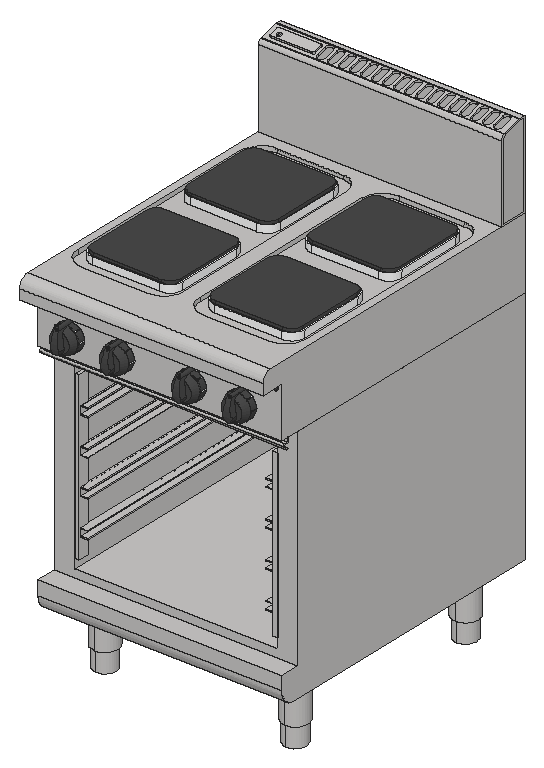
Revit family "QF_Moffat_RN8400SE-CB_Electric_Cooktops_Sealed_Hobs_cat", category Specialty Equipment, Revit 2019 (continued)
Definition of nested family "High and Low Option"
  Definition of nested family "QF_LOGO_Waldorf"
    Automatic sketch dimensions
      Split face 4 sketch curve to Extrusion 1 = 5.728 mm
      Extrusion 1 to Split face 4 sketch curve = 38.08 mm
      Split face 4 sketch curve to Split face 4 sketch curve = 3.843 mm
      Split face 4 sketch curve to Extrusion 1 = 9.736 mm
      Split face 5 sketch curve to Extrusion 1 = 12.976 mm
      Split face 5 sketch curve to Extrusion 1 = 43.205 mm
      Split face 5 sketch curve to Extrusion 1 = 6.679 mm
      Split face 5 sketch curve to Split face 5 sketch curve = 0.342 mm
      Split face 5 sketch curve to Split face 5 sketch curve = 3.375 mm
      Split face 5 sketch curve to Split face 5 sketch curve = 0.952 mm
      Split face 5 sketch curve to Split face 5 sketch curve = 3.998 mm
      Split face 6 sketch curve to Extrusion 1 = 7.499 mm
      Split face 6 sketch curve to Extrusion 1 = 44.727 mm
      Split face 6 sketch curve to Split face 6 sketch curve = 2.07 mm
      Split face 7 sketch curve to Extrusion 1 = 5.305 mm
      Split face 7 sketch curve to Extrusion 1 = 32.551 mm
      Split face 7 sketch curve to Split face 7 sketch curve = 4.443 mm
      Split face 8 sketch curve to Split face 8 sketch curve = 2.095 mm
      Split face 8 sketch curve to Extrusion 1 = 7.654 mm
      Split face 8 sketch curve to Extrusion 1 = 32.551 mm
      Split face 9 sketch curve to Extrusion 1 = 5.728 mm
      Split face 9 sketch curve to Extrusion 1 = 25.521 mm
      Split face 9 sketch curve to Split face 9 sketch curve = 3.519 mm
      Split face 9 sketch curve to Split face 9 sketch curve = 0.315 mm
      Split face 9 sketch curve to Split face 9 sketch curve = 3.33 mm
      Split face 9 sketch curve to Split face 9 sketch curve = 3.248 mm
      Split face 9 sketch curve to Split face 9 sketch curve = 1.795 mm
      Split face 9 sketch curve to Split face 9 sketch curve = 3.36 mm
      Split face 9 sketch curve to Split face 9 sketch curve = 1.545 mm
      Split face 9 sketch curve to Split face 9 sketch curve = 0.233 mm
      Split face 10 sketch curve to Extrusion 1 = 18.106 mm
      Split face 10 sketch curve to Split face 10 sketch curve = 1.188 mm  (x2)
      Split face 10 sketch curve to Split face 10 sketch curve = 3.285 mm
      Split face 10 sketch curve to Split face 10 sketch curve = 3.789 mm
      Split face 10 sketch curve to Split face 10 sketch curve = 0 mm  (x2)
      Split face 10 sketch curve to Split face 10 sketch curve = 1.629 mm
      Split face 10 sketch curve to Split face 10 sketch curve = 2.133 mm
      Split face 10 sketch curve to Extrusion 1 = 5.728 mm
      Split face 10 sketch curve to Split face 10 sketch curve = 6.245 mm
      Split face 10 sketch curve to Split face 10 sketch curve = 1.907 mm  (x2)
      Split face 10 sketch curve to Split face 10 sketch curve = 1.197 mm
      Split face 10 sketch curve to Split face 10 sketch curve = 2.19 mm
  Definition of nested family "QF_LOGO_Waldorf1"
    Parameters (values of type "QF_LOGO_Waldorf1")
      Weight in Pounds = 0
      URL Cutsheet = ""
      Specification by User = ""
      Specification by Manufacturer = ""
      Serial Number = ""
      Seismic Rating = ""
      SMACNA No = ""
      Revision Code = ""
      NAFEM Spec ID Number = ""
      Masterspec = ""
      Length = 138 mm
      Item Number = ""
      Installed By = ""
      Identify Quantity as Lot = yes
      Height = 26.711 mm
      Furnished By = ""
      Foodservice Equipment Identifier = yes
      Depth = 3.175 mm
      CSI MasterFormat = ""
    Reference planes
      plane 1 "BACK": y = 0
      plane 2: z = 0
      plane 3 "LEFT": x = 0
      plane 4 "RIGHT": x = 138
      plane 5 "FRONT": y = -3.175
      plane 6 "TOP": z = 26.711
      plane 7 "Center Y": x = 69
      plane 8 "Center X": y = -1.587
    Forms (mm)
      Extrusion 1, solid
        sketch origin (0, -12.9, 9.899) x (1, 0, 0) y (0, 0.965926, 0.258819)
          loop
            line (109, 3.464) -> (109, 23.247)
            spline (109, 23.247) -> (108.966, 23.699) -> (108.864, 24.143) -> (108.696, 24.572) -> (108.464, 24.979) -> (108.173, 25.355) -> (107.828, 25.696) -> (107.435, 25.995) -> (107, 26.247) -> (106.531, 26.447) -> (106.035, 26.593) -> (105.522, 26.681) -> (105, 26.711)
            line (105, 26.711) -> (4, 26.711)
            spline (4, 26.711) -> (3.478, 26.681) -> (2.965, 26.593) -> (2.469, 26.447) -> (2, 26.247) -> (1.565, 25.995) -> (1.172, 25.696) -> (0.827, 25.355) -> (0.536, 24.979) -> (0.304, 24.572) -> (0.136, 24.143) -> (0.034, 23.699) -> (0, 23.247)
            line (0, 23.247) -> (0, 3.464)
            spline (0, 3.464) -> (0.034, 3.012) -> (0.136, 2.568) -> (0.304, 2.138) -> (0.536, 1.732) -> (0.827, 1.355) -> (1.172, 1.015) -> (1.565, 0.716) -> (2, 0.464) -> (2.469, 0.264) -> (2.965, 0.118) -> (3.478, 0.03) -> (4, 0)
            line (4, 0) -> (105, 0)
            spline (105, 0) -> (105.522, 0.03) -> (106.035, 0.118) -> (106.531, 0.264) -> (107, 0.464) -> (107.435, 0.716) -> (107.828, 1.015) -> (108.173, 1.355) -> (108.464, 1.732) -> (108.696, 2.138) -> (108.864, 2.568) -> (108.966, 3.012) -> (109, 3.464)
          loop
            line (14.75, 7.005) -> (14.75, 15.654)
            arc (14.75, 15.654) -> (10.425, 11.329) -> (14.75, 7.005) r 4.325
          loop
            line (15.25, 15.654) -> (15.25, 7.005)
            arc (15.25, 7.005) -> (19.575, 11.329) -> (15.25, 15.654) r 4.325
        from 0 to 3.2
      Extrusion 2, solid
        sketch origin (0, -12.9, 9.899) x (1, 0, 0) y (0, 0.965926, 0.258819)
          loop
            line (15.25, 15.654) -> (15.25, 7.005)
            arc (15.25, 7.005) -> (19.575, 11.329) -> (15.25, 15.654) r 4.325
        from 0 to 3.2
      Extrusion 3, solid
        sketch origin (16.271, -12.9, 9.899) x (-1, 0, 0) y (0, -0.965926, -0.258819)
          loop
            arc (1.521, -15.654) -> (5.846, -11.329) -> (1.521, -7.005) r 4.325
            line (1.521, -7.005) -> (1.521, -15.654)
        from 0 to 3.2
    Lines and regions (mm)
      Split face 1
        outline origin (0, -13.729, 12.99) x (1, 0, 0) y (0, 0.965926, 0.258819)
          loop
            spline (22.129, 16.975) -> (22.389, 15.984) -> (22.649, 15.002) -> (22.91, 14.028) -> (23.172, 13.065) -> (23.433, 12.11) -> (23.695, 11.166) -> (23.956, 10.232) -> (24.218, 9.308) -> (24.479, 8.396) -> (24.74, 7.495) -> (25, 6.605) -> (25.26, 5.728)
            line (25.26, 5.728) -> (29.463, 5.728)
            spline (29.463, 5.728) -> (29.582, 6.252) -> (29.701, 6.78) -> (29.82, 7.313) -> (29.939, 7.85) -> (30.058, 8.391) -> (30.178, 8.936) -> (30.297, 9.485) -> (30.416, 10.038) -> (30.536, 10.594) -> (30.655, 11.155) -> (30.775, 11.719) -> (30.894, 12.287)
            spline (30.894, 12.287) -> (31.018, 11.719) -> (31.142, 11.155) -> (31.266, 10.594) -> (31.39, 10.038) -> (31.514, 9.485) -> (31.638, 8.936) -> (31.762, 8.391) -> (31.885, 7.85) -> (32.009, 7.313) -> (32.133, 6.78) -> (32.256, 6.252) -> (32.379, 5.728)
            line (32.379, 5.728) -> (36.51, 5.728)
            spline (36.51, 5.728) -> (36.766, 6.605) -> (37.023, 7.495) -> (37.28, 8.396) -> (37.538, 9.308) -> (37.795, 10.232) -> (38.053, 11.166) -> (38.311, 12.11) -> (38.569, 13.065) -> (38.826, 14.028) -> (39.083, 15.002) -> (39.34, 15.984) -> (39.597, 16.975)
            line (39.597, 16.975) -> (35.637, 16.975)
            spline (35.637, 16.975) -> (35.523, 16.334) -> (35.41, 15.697) -> (35.296, 15.063) -> (35.182, 14.433) -> (35.068, 13.807) -> (34.954, 13.185) -> (34.84, 12.566) -> (34.726, 11.952) -> (34.612, 11.342) -> (34.497, 10.737) -> (34.383, 10.135) -> (34.269, 9.538)
            spline (34.269, 9.538) -> (34.138, 10.135) -> (34.008, 10.737) -> (33.877, 11.342) -> (33.746, 11.952) -> (33.616, 12.566) -> (33.485, 13.185) -> (33.354, 13.807) -> (33.224, 14.433) -> (33.093, 15.063) -> (32.963, 15.697) -> (32.833, 16.334) -> (32.703, 16.975)
            line (32.703, 16.975) -> (29.247, 16.975)
            spline (29.247, 16.975) -> (29.111, 16.334) -> (28.974, 15.697) -> (28.837, 15.063) -> (28.7, 14.433) -> (28.562, 13.807) -> (28.425, 13.185) -> (28.288, 12.566) -> (28.15, 11.952) -> (28.013, 11.342) -> (27.875, 10.737) -> (27.738, 10.135) -> (27.6, 9.538)
            spline (27.6, 9.538) -> (27.483, 10.135) -> (27.366, 10.737) -> (27.249, 11.342) -> (27.132, 11.952) -> (27.015, 12.566) -> (26.897, 13.185) -> (26.78, 13.807) -> (26.663, 14.433) -> (26.546, 15.063) -> (26.43, 15.697) -> (26.313, 16.334) -> (26.196, 16.975)
            line (26.196, 16.975) -> (22.129, 16.975)
      Split face 2
        outline origin (0, -13.729, 12.99) x (1, 0, 0) y (0, 0.965926, 0.258819)
          loop
            line (51.449, 5.728) -> (51.035, 6.606) -> (51.035, 11.169)
            spline (51.035, 11.169) -> (50.686, 12.42) -> (50.176, 13.224) -> (49.51, 13.708) -> (48.693, 13.995) -> (47.747, 14.152) -> (46.698, 14.207) -> (45.579, 14.186) -> (44.419, 14.114) -> (43.279, 13.929) -> (42.249, 13.481) -> (41.424, 12.614) -> (40.897, 11.169)
            line (40.897, 11.169) -> (44.617, 11.169) -> (44.988, 11.965)
            spline (44.988, 11.965) -> (47.294, 11.682) -> (46.856, 10.932) -> (45.527, 10.609) -> (43.858, 10.439) -> (42.259, 10.123) -> (41.078, 9.417) -> (40.563, 8.246) -> (40.689, 6.989) -> (41.407, 6.052) -> (42.774, 5.536) -> (44.847, 5.497) -> (47.306, 6.602)
            line (47.306, 6.602) -> (47.624, 5.728) -> (51.449, 5.728)
      Split face 3
        outline origin (0, -13.729, 12.99) x (1, 0, 0) y (0, 0.965926, 0.258819)
          loop
            line (47.264, 9.264) -> (44.938, 8.597)
            spline (44.938, 8.597) -> (44.508, 8.228) -> (44.402, 7.9) -> (44.548, 7.626) -> (44.877, 7.42) -> (45.317, 7.295) -> (45.797, 7.265) -> (46.252, 7.342) -> (46.65, 7.525) -> (46.971, 7.813) -> (47.194, 8.201) -> (47.298, 8.685) -> (47.264, 9.264)
      Split face 4
        outline origin (0, -13.729, 12.99) x (1, 0, 0) y (0, 0.965926, 0.258819)
          loop
            line (53.33, 16.975) -> (53.33, 5.728) -> (57.173, 5.728) -> (57.173, 16.975) -> (53.33, 16.975)
      Split face 5
        outline origin (0, -13.729, 12.99) x (1, 0, 0) y (0, 0.965926, 0.258819)
          loop
            line (65.795, 16.975) -> (65.795, 12.976)
            spline (65.795, 12.976) -> (63.839, 14.082) -> (62.087, 14.096) -> (60.633, 13.343) -> (59.574, 12.148) -> (58.99, 10.806) -> (58.867, 9.452) -> (59.156, 8.159) -> (59.81, 7) -> (60.786, 6.056) -> (62.111, 5.514) -> (63.868, 5.634) -> (66.137, 6.679)
            line (66.137, 6.679) -> (66.137, 5.728) -> (69.511, 5.728) -> (69.511, 16.975) -> (65.795, 16.975)
      Split face 6
        outline origin (0, -13.729, 12.99) x (1, 0, 0) y (0, 0.965926, 0.258819)
          loop
            spline (64.273, 7.499) -> (64.754, 7.57) -> (65.202, 7.777) -> (65.587, 8.106) -> (65.882, 8.535) -> (66.067, 9.034) -> (66.131, 9.57) -> (66.067, 10.106) -> (65.882, 10.605) -> (65.587, 11.034) -> (65.202, 11.363) -> (64.754, 11.57) -> (64.273, 11.64)
            spline (64.273, 11.64) -> (63.793, 11.57) -> (63.345, 11.363) -> (62.96, 11.034) -> (62.665, 10.605) -> (62.479, 10.106) -> (62.416, 9.57) -> (62.479, 9.034) -> (62.665, 8.535) -> (62.96, 8.106) -> (63.345, 7.777) -> (63.793, 7.57) -> (64.273, 7.499)
      Split face 7
        outline origin (0, -13.729, 12.99) x (1, 0, 0) y (0, 0.965926, 0.258819)
          loop
            spline (76.449, 5.305) -> (77.855, 5.457) -> (79.166, 5.901) -> (80.291, 6.607) -> (81.155, 7.527) -> (81.698, 8.599) -> (81.883, 9.749) -> (81.698, 10.899) -> (81.155, 11.97) -> (80.291, 12.891) -> (79.166, 13.597) -> (77.855, 14.041) -> (76.449, 14.192)
            spline (76.449, 14.192) -> (75.042, 14.041) -> (73.731, 13.597) -> (72.606, 12.891) -> (71.742, 11.97) -> (71.199, 10.899) -> (71.014, 9.749) -> (71.199, 8.599) -> (71.742, 7.527) -> (72.606, 6.607) -> (73.731, 5.901) -> (75.042, 5.457) -> (76.449, 5.305)
      Split face 8
        outline origin (0, -13.729, 12.99) x (1, 0, 0) y (0, 0.965926, 0.258819)
          loop
            spline (76.449, 7.654) -> (76.841, 7.725) -> (77.206, 7.934) -> (77.52, 8.267) -> (77.76, 8.701) -> (77.912, 9.206) -> (77.963, 9.749) -> (77.912, 10.291) -> (77.76, 10.796) -> (77.52, 11.23) -> (77.206, 11.563) -> (76.841, 11.772) -> (76.449, 11.843)
            spline (76.449, 11.843) -> (76.057, 11.772) -> (75.691, 11.563) -> (75.378, 11.23) -> (75.137, 10.796) -> (74.986, 10.291) -> (74.934, 9.749) -> (74.986, 9.206) -> (75.137, 8.701) -> (75.378, 8.267) -> (75.691, 7.934) -> (76.057, 7.725) -> (76.449, 7.654)
      Split face 9
        outline origin (0, -13.729, 12.99) x (1, 0, 0) y (0, 0.965926, 0.258819)
          loop
            line (86.998, 12.335) -> (86.998, 13.879) -> (83.479, 13.879) -> (83.479, 5.728) -> (87.312, 5.728) -> (87.312, 8.975)
            spline (87.312, 8.975) -> (87.364, 9.356) -> (87.458, 9.686) -> (87.594, 9.968) -> (87.769, 10.204) -> (87.982, 10.398) -> (88.229, 10.55) -> (88.509, 10.666) -> (88.82, 10.746) -> (89.16, 10.794) -> (89.525, 10.812) -> (89.915, 10.803) -> (90.327, 10.77)
            line (90.327, 10.77) -> (90.327, 14.113)
            spline (90.327, 14.113) -> (89.929, 14.127) -> (89.552, 14.111) -> (89.197, 14.066) -> (88.865, 13.991) -> (88.554, 13.887) -> (88.266, 13.754) -> (87.999, 13.591) -> (87.755, 13.399) -> (87.532, 13.177) -> (87.332, 12.926) -> (87.154, 12.645) -> (86.998, 12.335)
      Split face 10
        outline origin (0, -13.729, 12.99) x (1, 0, 0) y (0, 0.965926, 0.258819)
          loop
            line (92.082, 13.879) -> (90.894, 13.879) -> (90.894, 11.972) -> (92.082, 11.972) -> (92.082, 5.728) -> (95.871, 5.728) -> (95.871, 11.972) -> (97.5, 11.972) -> (97.5, 13.879) -> (95.871, 13.879)
            spline (95.871, 13.879) -> (95.843, 14.088) -> (95.845, 14.278) -> (95.877, 14.447) -> (95.939, 14.596) -> (96.03, 14.726) -> (96.151, 14.835) -> (96.301, 14.925) -> (96.482, 14.995) -> (96.692, 15.045) -> (96.931, 15.075) -> (97.201, 15.085) -> (97.5, 15.076)
            line (97.5, 15.076) -> (97.5, 17.266) -> (95.367, 17.266)
            spline (95.367, 17.266) -> (94.982, 17.253) -> (94.58, 17.21) -> (94.174, 17.132) -> (93.774, 17.013) -> (93.39, 16.846) -> (93.034, 16.627) -> (92.717, 16.349) -> (92.448, 16.007) -> (92.24, 15.595) -> (92.102, 15.106) -> (92.046, 14.537) -> (92.082, 13.879)
    Dimensions and locks
      equal spacing: plane 3 "LEFT", plane 7 "Center Y", plane 4 "RIGHT"
      "Length": plane 3 "LEFT" to plane 4 "RIGHT"
      equal spacing: plane 5 "FRONT", plane 8 "Center X", plane 1 "BACK"
      "Depth": plane 5 "FRONT" to plane 1 "BACK"
      "Height": plane 6 "TOP" to level
      plane 4 "RIGHT" to plane 3 "LEFT" = 138 mm
      aligned and locked: level to plane 2
    Automatic sketch dimensions
      Extrusion 1 sketch curve to plane 3 "LEFT" = 0 mm
      plane 3 "LEFT" to Extrusion 1 sketch curve = 4 mm  (x2)
      Extrusion 1 sketch curve to Extrusion 1 sketch curve = 10.75 mm
      Extrusion 1 sketch curve to Extrusion 1 sketch curve = 0.5 mm
      plane 4 "RIGHT" to Extrusion 1 sketch curve = 33 mm
      Extrusion 1 sketch curve to Extrusion 1 sketch curve = 0 mm  (x3)
      Extrusion 1 sketch curve to Extrusion 1 sketch curve = 4 mm
      Extrusion 1 sketch curve to Extrusion 1 sketch curve = 3.464 mm  (x3)
      Extrusion 1 sketch curve to Extrusion 1 sketch curve = 3.541 mm
      Extrusion 1 sketch curve to Extrusion 1 sketch curve = 4.325 mm
      Extrusion 1 sketch curve to Extrusion 1 sketch curve = 19.783 mm
      Extrusion 1 sketch curve to Extrusion 1 sketch curve = 7.592 mm
      plane 3 "LEFT" to Extrusion 2 sketch curve = 15.25 mm
      Extrusion 2 sketch curve to Extrusion 2 sketch curve = 4.325 mm
      plane 3 "LEFT" to Extrusion 3 sketch curve = 14.75 mm
      Extrusion 3 sketch curve to Extrusion 3 sketch curve = 4.325 mm
      Extrusion 1 to Split face 1 sketch curve = 6.879 mm
      Split face 1 sketch curve to Extrusion 1 = 5.728 mm
      Split face 1 sketch curve to Split face 1 sketch curve = 3.132 mm
      Split face 1 sketch curve to Split face 1 sketch curve = 4.068 mm
      Split face 1 sketch curve to Split face 1 sketch curve = 3.051 mm
      Split face 1 sketch curve to Split face 1 sketch curve = 4.203 mm
      Split face 1 sketch curve to Split face 1 sketch curve = 2.916 mm
      Split face 1 sketch curve to Split face 1 sketch curve = 3.456 mm
      Split face 1 sketch curve to Split face 1 sketch curve = 2.934 mm
      Split face 1 sketch curve to Split face 1 sketch curve = 4.131 mm
      Split face 1 sketch curve to Split face 1 sketch curve = 3.96 mm
      Split face 1 sketch curve to Split face 1 sketch curve = 0 mm  (x2)
      Split face 1 sketch curve to Extrusion 1 = 9.736 mm  (x2)
      Extrusion 1 to Split face 1 sketch curve = 6.337 mm
      Extrusion 1 to Split face 1 sketch curve = 6.231 mm
      Extrusion 1 to Split face 1 sketch curve = 3.184 mm
      Extrusion 1 to Split face 1 sketch curve = 13.135 mm
      Split face 1 sketch curve to Split face 1 sketch curve = 4.652 mm
      Split face 1 sketch curve to Split face 1 sketch curve = 3.593 mm
      Split face 1 sketch curve to Split face 1 sketch curve = 1.863 mm
      Split face 1 sketch curve to Split face 1 sketch curve = 0.713 mm
      Split face 1 sketch curve to Split face 1 sketch curve = 2.684 mm
      Split face 1 sketch curve to Split face 1 sketch curve = 3.294 mm
      Split face 1 sketch curve to Split face 1 sketch curve = 0.459 mm
      Split face 1 sketch curve to Split face 1 sketch curve = 2.775 mm
      Split face 1 sketch curve to Split face 1 sketch curve = 1.89 mm
      Split face 1 sketch curve to Split face 1 sketch curve = 0.685 mm
      Split face 1 sketch curve to Split face 1 sketch curve = 9.486 mm
      Split face 1 sketch curve to Split face 1 sketch curve = 16.213 mm
      Split face 1 sketch curve to Split face 1 sketch curve = 3.48 mm
      Split face 1 sketch curve to Split face 1 sketch curve = 4.918 mm
      Split face 1 sketch curve to Split face 1 sketch curve = 7.609 mm
      Split face 1 sketch curve to Split face 1 sketch curve = 0.01 mm  (x2)
      Split face 1 sketch curve to Split face 1 sketch curve = 0.002 mm
      Split face 2 sketch curve to Extrusion 1 = 11.169 mm
      Extrusion 1 to Split face 2 sketch curve = 25.647 mm
      Split face 2 sketch curve to Split face 2 sketch curve = 3.72 mm
      Split face 2 sketch curve to Extrusion 1 = 11.965 mm
      Split face 2 sketch curve to Split face 2 sketch curve = 0.371 mm
      Split face 2 sketch curve to Extrusion 1 = 6.602 mm
      Split face 2 sketch curve to Split face 2 sketch curve = 2.689 mm
      Split face 2 sketch curve to Split face 2 sketch curve = 0.318 mm
      Split face 2 sketch curve to Split face 2 sketch curve = 3.729 mm
      Split face 2 sketch curve to Split face 2 sketch curve = 0.414 mm
      Split face 2 sketch curve to Split face 2 sketch curve = 0.875 mm
      Split face 2 sketch curve to Split face 2 sketch curve = 0.878 mm
      Split face 3 sketch curve to Extrusion 1 = 8.597 mm
      Extrusion 1 to Split face 3 sketch curve = 29.688 mm
      Split face 3 sketch curve to Extrusion 1 = 9.264 mm
      Split face 3 sketch curve to Split face 3 sketch curve = 2.326 mm
      Split face 4 sketch curve to Extrusion 1 = 5.728 mm
      Extrusion 1 to Split face 4 sketch curve = 38.08 mm
      Split face 4 sketch curve to Split face 4 sketch curve = 3.843 mm
      Split face 4 sketch curve to Extrusion 1 = 9.736 mm
      Split face 5 sketch curve to Extrusion 1 = 9.736 mm
      Split face 5 sketch curve to Extrusion 1 = 43.205 mm
      Split face 5 sketch curve to Extrusion 1 = 6.679 mm
      Split face 5 sketch curve to Split face 5 sketch curve = 0.342 mm
      Split face 5 sketch curve to Split face 5 sketch curve = 3.375 mm
      Split face 5 sketch curve to Split face 5 sketch curve = 0.952 mm
      Split face 5 sketch curve to Split face 5 sketch curve = 3.998 mm
      Split face 6 sketch curve to Extrusion 1 = 7.499 mm
      Split face 6 sketch curve to Extrusion 1 = 44.727 mm
      Split face 6 sketch curve to Split face 6 sketch curve = 2.07 mm
      Split face 7 sketch curve to Extrusion 1 = 5.305 mm
      Split face 7 sketch curve to Extrusion 1 = 32.551 mm
      Split face 7 sketch curve to Split face 7 sketch curve = 4.443 mm
      Split face 8 sketch curve to Extrusion 1 = 7.654 mm
      Split face 8 sketch curve to Extrusion 1 = 32.551 mm
      Split face 8 sketch curve to Split face 8 sketch curve = 2.095 mm
      Split face 9 sketch curve to Extrusion 1 = 5.728 mm
      Split face 9 sketch curve to Extrusion 1 = 25.521 mm
      Split face 9 sketch curve to Split face 9 sketch curve = 3.519 mm
      Split face 9 sketch curve to Split face 9 sketch curve = 0.315 mm
      Split face 9 sketch curve to Split face 9 sketch curve = 3.33 mm
      Split face 9 sketch curve to Split face 9 sketch curve = 3.248 mm
      Split face 9 sketch curve to Split face 9 sketch curve = 1.795 mm
      Split face 9 sketch curve to Split face 9 sketch curve = 3.36 mm
      Split face 9 sketch curve to Split face 9 sketch curve = 1.545 mm
      Split face 9 sketch curve to Split face 9 sketch curve = 0.233 mm
      Split face 10 sketch curve to Extrusion 1 = 18.106 mm
      Split face 10 sketch curve to Split face 10 sketch curve = 1.188 mm  (x2)
      Split face 10 sketch curve to Split face 10 sketch curve = 3.285 mm
      Split face 10 sketch curve to Split face 10 sketch curve = 3.789 mm
      Split face 10 sketch curve to Split face 10 sketch curve = 0 mm  (x2)
      Split face 10 sketch curve to Split face 10 sketch curve = 1.629 mm
      Split face 10 sketch curve to Split face 10 sketch curve = 2.133 mm
      Split face 10 sketch curve to Extrusion 1 = 5.728 mm
      Split face 10 sketch curve to Split face 10 sketch curve = 6.245 mm
      Split face 10 sketch curve to Split face 10 sketch curve = 1.907 mm  (x2)
      Split face 10 sketch curve to Split face 10 sketch curve = 1.197 mm
      Split face 10 sketch curve to Split face 10 sketch curve = 2.19 mm
